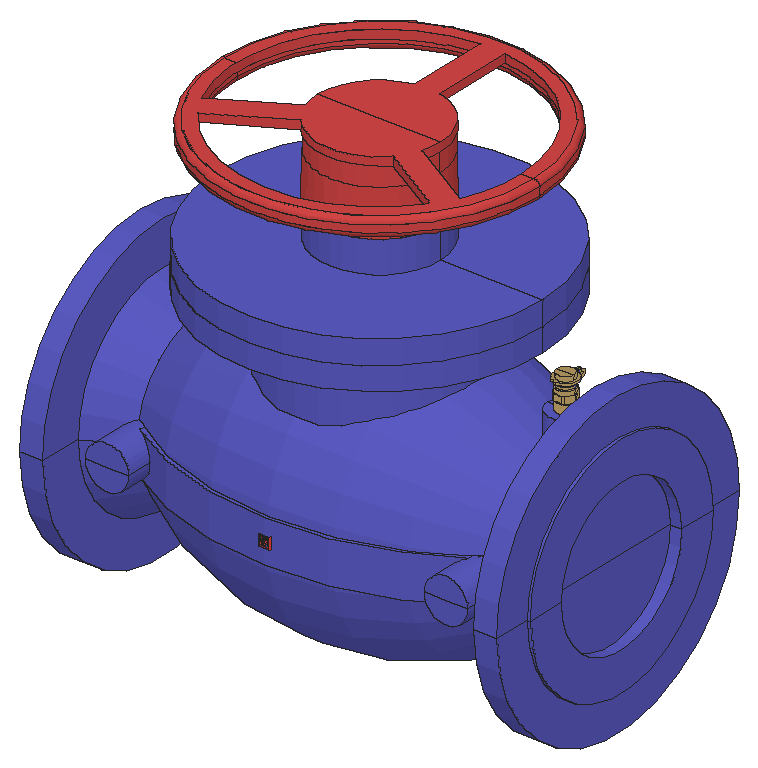
Revit family "Strangregulierventil für Differenzdruckmessung, Geradsitzform 4218 GF", category Rohrzubehör, Revit 2019
Family settings
  Bemaßung runder Anschluss = Durchmesser verwenden
  Teiletyp = Unterbricht
  OmniClass-Nummer = 23.65.55.14
  OmniClass-Titel = Valves for Liquid Services
  Arbeitsebenenbasiert = Nein
  Immer vertikal = Ja
  Beim Laden mit Abzugskörper schneiden = Nein
  Gemeinsam genutzt = Nein
Parameters
  kvs-Wert [instance] = if(Nennweite = 50.00 mm, 34.96, if(Nennweite = 65.00 mm, 66.94, if(Nennweite = 80.00 mm, 106.78, if(Nennweite = 100.00 mm, 169.45, if(Nennweite = 125.00 mm, 255.79, if(Nennweite = 150.00 mm, 389.54, if(Nennweite = 200.00 mm, 676.33, if(Nennweite = 250.00 mm, 1082.72, if(Nennweite = 300.00 mm, 1784.91, 0)))))))))  # 255.79
  Zählvorrichtung = "Kunststoff"  # constant formula
  W02 = 60.00°  # constant formula
  W01 = 85.00°  # constant formula
  Ventilkegel = "Grauguss GJL 250 nach EN 1561/ EPDM beschichtet"  # constant formula
  S01 [instance] = Nennweite + 10.00 mm  # 135.00 mm
  Regulierspindel = "Messing / Edelstahl"  # constant formula
  Oberteil = "Grauguss GJL 250 nach EN 1561"  # constant formula
  Spindel (bis DN100) = "Messing"  # constant formula
  O-Ringe = "EPDM"  # constant formula
  Gehäuse = "Grauguss GJL 250 nach EN 1561"  # constant formula
  URL = "www.herz-armaturen.at"
  SCRNSEQ = "ARM;ARM_TYP=\"STRV\";2"
  SCRNCODE = "05;07;02"  # constant formula
  R02 [instance] = size_lookup("4218_GF_", "R2", 1.00 mm, Nennweite)  # 15.00 mm
  R01 [instance] = size_lookup("4218_GF_", "R1", 1.00 mm, Nennweite)  # 18.00 mm
  Spindel (ab DN125) = "Edelstahl"  # constant formula
  Nennweite [instance] = 125.00 mm
  Medium = "Heizwasserqualität entsprechend ÖNORM H 5195 bzw. VDI Richtlinie 2035.\r\nEthylen und Propylenglykol können in einem Verhältnis von 25-50 vol. [%] gemischt werden."
  Max. Betriebstemperatur = 110 °C  # constant formula
  Min. Betriebstemperatur = -10 °C  # constant formula
  Max. Betriebsdruck = 1600000.0 Pa  # constant formula
  L04 [instance] = size_lookup("4218_GF_", "L4", 1.00 mm, Nennweite)  # 154.00 mm
  L03 [instance] = if(Nennweite = 50.00 mm, 48.00 mm, if(Nennweite = 65.00 mm, 52.00 mm, if(Nennweite = 80.00 mm, 60.00 mm, if(Nennweite = 100.00 mm, 75.00 mm, 15.00 mm))))  # 15.00 mm
  L02 [instance] = size_lookup("4218_GF_", "L2", 1.00 mm, Nennweite)  # 140.00 mm
  L01 [instance] = size_lookup("4218_GF_", "L1", 1.00 mm, Nennweite)  # 145.00 mm
  L00 [instance] = size_lookup("4218_GF_", "L", 1.00 mm, Nennweite)  # 400.00 mm
  Hersteller = "HERZ Armaturen Ges.m.b.H."  # constant formula
  H09 [instance] = H08 + H02  # 200.00 mm
  H08 [instance] = size_lookup("4218_GF_", "H8", 1.00 mm, Nennweite)  # 46.00 mm
  H07 [instance] = H02 + H06  # 174.00 mm
  H06 [instance] = size_lookup("4218_GF_", "H6", 1.00 mm, Nennweite)  # 20.00 mm
  H05 [instance] = size_lookup("4218_GF_", "H5", 1.00 mm, Nennweite)  # 100.00 mm
  H04 [instance] = H02 - H03  # 135.00 mm
  H03 [instance] = size_lookup("4218_GF_", "H3", 1.00 mm, Nennweite)  # 19.00 mm
  H02 [instance] = size_lookup("4218_GF_", "H2", 1.00 mm, Nennweite)  # 154.00 mm
  H01 [instance] = size_lookup("4218_GF_", "H1", 1.00 mm, Nennweite)  # 106.00 mm
  GT = 10.00 mm  # constant formula
  FLL02 [instance] = size_lookup("4218_GF_", "FLL2", 1.00 mm, Nennweite)  # 19.00 mm
  FLL01 [instance] = size_lookup("4218_GF_", "FLL1", 1.00 mm, Nennweite)  # 3.00 mm
  FLD03 [instance] = size_lookup("4218_GF_", "FLD3", 1.00 mm, Nennweite)  # 69.90 mm
  FLD02 [instance] = size_lookup("4218_GF_", "FLD2", 1.00 mm, Nennweite)  # 89.00 mm
  FLD01 [instance] = size_lookup("4218_GF_", "FLD1", 1.00 mm, Nennweite)  # 94.00 mm
  FLD00 [instance] = size_lookup("4218_GF_", "FLD", 1.00 mm, Nennweite)  # 125.00 mm
  Differenzdruckmessnung = "Das Strömax GF Strangregulierventil ist mit zwei Schnellmessventilen ausgestattet:\r\nBei Verwendung eines geeigneten Messgerätes kann der Differenzdruck gemessen und dadurch die jeweilige Durchflussmenge in Abhängigkeit der Einstellstufe ermittelt werden.\r\nAn den HERZ Messcomputern ist außerdem direkt die jeweilige Durchflussmenge ablesbar (siehe Gerätehandbuch).\r\nBei Verwendung von Frostschutzmittel ändert sich die Dichte des Medium, die bei Differenzdruckmessungen entsprechend zu berücksichtigen ist."
  DN80-DN100 [instance] = or(Nennweite = 80.00 mm, Nennweite = 100.00 mm)  # no
  DN80 [instance] = Nennweite = 80.00 mm  # no
  DN65 [instance] = Nennweite = 65.00 mm  # no
  DN50-DN65 [instance] = or(Nennweite = 50.00 mm, Nennweite = 65.00 mm)  # no
  DN50-DN100 [instance] = or(Nennweite = 50.00 mm, Nennweite = 65.00 mm, Nennweite = 80.00 mm, Nennweite = 100.00 mm)  # no
  DN50 [instance] = Nennweite = 50.00 mm  # no
  DN300 [instance] = Nennweite = 300.00 mm  # no
  DN250 [instance] = Nennweite = 250.00 mm  # no
  DN200-DN300 [instance] = or(Nennweite = 200.00 mm, Nennweite = 250.00 mm, Nennweite = 300.00 mm)  # no
  DN200 [instance] = Nennweite = 200.00 mm  # no
  DN150 [instance] = Nennweite = 150.00 mm  # no
  DN125-DN300 [instance] = or(Nennweite = 125.00 mm, Nennweite = 150.00 mm, Nennweite = 200.00 mm, Nennweite = 250.00 mm, Nennweite = 300.00 mm)  # yes
  DN125-DN150 [instance] = or(Nennweite = 125.00 mm, Nennweite = 150.00 mm)  # yes
  DN125 [instance] = Nennweite = 125.00 mm  # yes
  DN100 [instance] = Nennweite = 100.00 mm  # no
  D03 [instance] = size_lookup("4218_GF_", "D3", 1.00 mm, Nennweite)  # 50.50 mm
  D02 [instance] = size_lookup("4218_GF_", "D2", 1.00 mm, Nennweite)  # 135.00 mm
  D01 [instance] = size_lookup("4218_GF_", "D1", 1.00 mm, Nennweite)  # 86.00 mm
  D00 [instance] = size_lookup("4218_GF_", "D", 1.00 mm, Nennweite)  # 117.00 mm
  Bestellnummer [instance] = size_lookup("4218_GF_", "Artnr", 0, Nennweite)  # 1421884
  BH02 [instance] = -BH01  # -17.50 mm
  BH01 [instance] = size_lookup("4218_GF_", "BH1", 1.00 mm, Nennweite)  # 17.50 mm
  Ausführung = "Geradsitzform, Gehäuse Grauguss GJL 250 nach EN 1561, Flansche nach EN 1092, PN 16, blau lackiert.\r\nVentiloberteil Grauguss GJL 250, mit nicht steigender Spindel, Spindelabdichtung durch Drei-fach-O-Ring.\r\nDigitale Anzeige der Voreinstellstuffe."
  Anwendungen = "Zum hydraulischenAbgleich in Heiz- oder Kühlanlagen, Einregulieren und Absperren von Verteilleitungen, Strängen, Wärmetauschern, Heiz- und Kühlregistern."
  Anschluss [instance] = Nennweite / 2  # 62.50 mm
Reference planes
  plane 1 "Mitte (Vorne/hinten)": y = 0
  plane 2: z = 0
  plane 3 "Mitte (Links/rechts)": x = 0
Forms (mm)
  Revolve 1, solid, material "Herz-Marineblau", detail levels fine
    sketch origin (1058.943, 0, 0) x (1, 0, 0) y (0, 1, 0)
      loop
        line (-1255.943, 125) -> (-1255.943, 94) -> (-1258.943, 94) -> (-1258.943, 62.5) -> (-1248.943, 62.5) -> (-1248.943, 0) -> (-868.943, 0) -> (-868.943, 62.5) -> (-858.943, 62.5) -> (-858.943, 94) -> (-861.943, 94) -> (-861.943, 125) -> (-880.943, 125) -> (-880.943, 89) -> (-913.943, 69.9)
        arc (-913.943, 69.9) -> (-1058.943, 117) -> (-1203.943, 69.9) r 246.745
        line (-1203.943, 69.9) -> (-1236.943, 89) -> (-1236.943, 125) -> (-1255.943, 125)
      axis (-1258.943, 0) -> (-858.943, 0)
    angle from 0 to 360
  Revolve 2, solid, material "Herz-Marineblau", detail levels fine
    sketch origin (0, 0, 0) x (1, 0, 0) y (0, 1, 0)
      loop
        line (-140, 106) -> (-158, 106) -> (-158, -106) -> (-140, -106) -> (-140, 106)
      axis (-140, 106) -> (-140, -106)
    angle from 0 to 360
  Revolve 3, solid, material "Herz-Marineblau", detail levels fine
    sketch origin (0, 0, 0) x (-1, 0, 0) y (0, 1, 0)
      loop
        line (-140, 106) -> (-158, 106) -> (-158, -106) -> (-140, -106) -> (-140, 106)
      axis (-140, 106) -> (-140, -106)
    angle from 0 to 360
  Revolve 4, solid, material "Herz-Marineblau", visible <- "DN125-DN300", detail levels fine
    sketch origin (0, 0, 0) x (1, 0, 0) y (0, 0, 1)
      loop
        line (0, 0) -> (0, 154) -> (-135, 154) -> (-135, 135) -> (-86, 135) -> (-86, 0) -> (0, 0)
      axis (0, 154) -> (0, 0)
    angle from 0 to 360
  Revolve 5, solid, material "Herz-Marineblau", visible <- "DN50-DN100", detail levels fine
    sketch origin (0, 0, 0) x (1, 0, 0) y (0, 0, 1)
      loop
        line (0, 0) -> (0, 135) -> (-86, 135) -> (-86, 0) -> (0, 0)
      axis (0, 135) -> (0, 0)
    angle from 0 to 360
  Extrusion 6, solid, material "Herz-Marineblau", visible <- "DN50-DN100", detail levels fine
    sketch origin (0, 0, 0) x (1, 0, 0) y (0, 1, 0)
      loop
        line (0, 135) -> (-15, 133.688) -> (-133.688, 15) -> (-135, 0) -> (-133.688, -15) -> (-15, -133.688) -> (0, -135) -> (15, -133.688) -> (133.688, -15) -> (135, 0) -> (133.688, 15) -> (15, 133.688) -> (0, 135)
    from 135 <- "H04" to 154 <- "H02"
  Revolve 7, solid, material "Herz-Marineblau", detail levels fine
    sketch origin (0, 0, 0) x (1, 0, 0) y (0, 0, 1)
      loop
        line (-154, 0) -> (-154, 100) -> (-169, 100) -> (-169, 0) -> (-154, 0)
      axis (-154, 100) -> (-154, 0)
    angle from 0 to 360
  Revolve 8, solid, material "Herz-Marineblau", detail levels fine
    sketch origin (0, 0, 0) x (-1, 0, 0) y (0, 0, 1)
      loop
        line (-154, 0) -> (-154, 100) -> (-169, 100) -> (-169, 0) -> (-154, 0)
      axis (-154, 100) -> (-154, 0)
    angle from 0 to 360
  Extrusion 9, solid, material "Herz-Marineblau", visible <- "DN50", detail levels fine
    sketch origin (0, 0, 0) x (1, 0, 0) y (0, 1, 0)
      loop
        line (-75, 27.444) -> (-75, -27.444)
        arc (-75, -27.444) -> (0, -55) -> (75, -27.444) r 115.842
        line (75, -27.444) -> (75, 27.444)
        arc (75, 27.444) -> (0, 55) -> (-75, 27.444) r 115.842
    from -17.5 <- "BH02" to 17.5 <- "BH01"
  Extrusion 10, solid, material "Herz-Marineblau", visible <- "DN65", detail levels fine
    sketch origin (0, 0, 0) x (1, 0, 0) y (0, 1, 0)
      loop
        arc (-89, -45.667) -> (0, -68.022) -> (89, -45.667) r 188.34
        line (89, -45.667) -> (89, 45.667)
        arc (89, 45.667) -> (0, 68.022) -> (-89, 45.667) r 188.34
        line (-89, 45.667) -> (-89, -45.667)
    from -17.5 <- "BH02" to 17.5 <- "BH01"
  Extrusion 11, solid, material "Herz-Marineblau", visible <- "DN80", detail levels fine
    sketch origin (0, 0, 0) x (1, 0, 0) y (0, 1, 0)
      loop
        arc (-100, -48.604) -> (0, -75.01) -> (100, -48.604) r 202.557
        line (100, -48.604) -> (100, 48.604)
        arc (100, 48.604) -> (0, 75.01) -> (-100, 48.604) r 202.557
        line (-100, 48.604) -> (-100, -48.604)
    from -17.5 <- "BH02" to 17.5 <- "BH01"
  Extrusion 12, solid, material "Herz-Marineblau", visible <- "DN100", detail levels fine
    sketch origin (0, 0, 0) x (1, 0, 0) y (0, 1, 0)
      loop
        arc (-118, -60.889) -> (0, -83.721) -> (118, -60.889) r 316.34
        line (118, -60.889) -> (118, 60.889)
        arc (118, 60.889) -> (0, 83.721) -> (-118, 60.889) r 316.34
        line (-118, 60.889) -> (-118, -60.889)
    from -17.5 <- "BH02" to 17.5 <- "BH01"
  Extrusion 13, solid, material "Herz-Marineblau", visible <- "DN125", detail levels fine
    sketch origin (0, 0, 0) x (1, 0, 0) y (0, 1, 0)
      loop
        arc (-140, -75.261) -> (0, -118.541) -> (140, -75.261) r 248.073
        line (140, -75.261) -> (140, 75.261)
        arc (140, 75.261) -> (0, 118.541) -> (-140, 75.261) r 248.073
        line (-140, 75.261) -> (-140, -75.261)
    from -17.5 <- "BH02" to 17.5 <- "BH01"
  Extrusion 14, solid, material "Herz-Marineblau", visible <- "DN150", detail levels fine
    sketch origin (0, 0, 0) x (1, 0, 0) y (0, 1, 0)
      loop
        arc (-170, -94.727) -> (0, -138.5) -> (170, -94.727) r 352.003
        line (170, -94.727) -> (170, 94.727)
        arc (170, 94.727) -> (0, 138.5) -> (-170, 94.727) r 352.003
        line (-170, 94.727) -> (-170, -94.727)
    from -17.5 <- "BH02" to 17.5 <- "BH01"
  Extrusion 15, solid, material "Herz-Marineblau", visible <- "DN200", detail levels fine
    sketch origin (0, 0, 0) x (1, 0, 0) y (0, 1, 0)
      loop
        arc (-200, -127.319) -> (0, -163.032) -> (200, -127.319) r 577.879
        line (200, -127.319) -> (200, 127.319)
        arc (200, 127.319) -> (0, 163.032) -> (-200, 127.319) r 577.879
        line (-200, 127.319) -> (-200, -127.319)
    from -17.5 <- "BH02" to 17.5 <- "BH01"
  Extrusion 16, solid, material "Herz-Marineblau", visible <- "DN250", detail levels fine
    sketch origin (0, 0, 0) x (1, 0, 0) y (0, 1, 0)
      loop
        arc (-250, -153.89) -> (0, -191.531) -> (250, -153.89) r 849.033
        line (250, -153.89) -> (250, 153.89)
        arc (250, 153.89) -> (0, 191.531) -> (-250, 153.89) r 849.033
        line (-250, 153.89) -> (-250, -153.89)
    from -17.5 <- "BH02" to 17.5 <- "BH01"
  Extrusion 17, solid, material "Herz-Marineblau", visible <- "DN300", detail levels fine
    sketch origin (0, 0, 0) x (1, 0, 0) y (0, 1, 0)
      loop
        arc (-300, -192.377) -> (0, -268.099) -> (300, -192.377) r 632.133
        line (300, -192.377) -> (300, 192.377)
        arc (300, 192.377) -> (0, 268.099) -> (-300, 192.377) r 632.133
        line (-300, 192.377) -> (-300, -192.377)
    from -17.5 <- "BH02" to 17.5 <- "BH01"
  Extrusion 18, solid, material "Herz-Marineblau", visible <- "DN50-DN100", detail levels fine
    sketch origin (0, 0, 0) x (1, 0, 0) y (0, 1, 0)
      loop
        line (0, 135) -> (-15, 133.688) -> (-133.688, 15) -> (-135, 0) -> (-133.688, -15) -> (-15, -133.688) -> (0, -135) -> (15, -133.688) -> (133.688, -15) -> (135, 0) -> (133.688, 15) -> (15, 133.688) -> (0, 135)
    from 154 <- "H02" to 174 <- "H07"
  Revolve 19, solid, material "Herz-Marineblau", visible <- "DN125-DN300", detail levels fine
    sketch origin (0, 0, 0) x (1, 0, 0) y (0, 0, 1)
      loop
        line (0, 154) -> (0, 200) -> (-50.5, 200) -> (-50.5, 174) -> (-135, 174) -> (-135, 154) -> (0, 154)
      axis (0, 200) -> (0, 154)
    angle from 0 to 360
  Revolve 20, solid, material "Herz-Marineblau", visible <- "DN50-DN100", detail levels fine
    sketch origin (0, 0, 0) x (1, 0, 0) y (0, 0, 1)
      loop
        line (0, 174) -> (0, 200) -> (-50.5, 200) -> (-50.5, 174) -> (0, 174)
      axis (0, 200) -> (0, 174)
    angle from 0 to 360
Lines and regions (mm)
  model lines, detail levels coarse+medium
    curve 1: line (-200, 0, 125) -> (-200, 0, -125)
    curve 2: line (-200, 0, -125) -> (200, 0, 125)
    curve 3: line (200, 0, 125) -> (200, 0, -125)
    curve 4: line (200, 0, -125) -> (-200, 0, 125)
    curve 5: line (0, 0, 0) -> (115.47, 0, 200)
    curve 6: line (57.013, 0, 233.75) -> (173.927, 0, 166.25)
    curve 7: line (-200, 125, 0) -> (-200, -125, 0)
    curve 8: line (-200, -125, 0) -> (200, 125, 0)
    curve 9: line (200, 125, 0) -> (200, -125, 0)
    curve 10: line (200, -125, 0) -> (-200, 125, 0)
    curve 11: line (0, 0, 0) -> (115.47, 200, 0)
    curve 12: line (57.013, 233.75, 0) -> (173.927, 166.25, 0)
Dimensions and locks
  "FLD00": plane 1 "Mitte (Vorne/hinten)" to Revolve 1 sketch curve
  "FLD01": plane 1 "Mitte (Vorne/hinten)" to Revolve 1 sketch curve
  "FLD02": plane 1 "Mitte (Vorne/hinten)" to Revolve 1 sketch curve  (x2)
  "FLD03": plane 1 "Mitte (Vorne/hinten)" to Revolve 1 sketch curve  (x2)
  "GT": Revolve 1 sketch curve to Revolve 1 sketch curve  (x2)
  "FLL01": Revolve 1 sketch curve to Revolve 1 sketch curve  (x2)
  "FLL02": Revolve 1 sketch curve to Revolve 1 sketch curve  (x2)
  equal spacing: Revolve 1 sketch curve, plane 3 "Mitte (Links/rechts)", Revolve 1 sketch curve
  "Anschluss": Revolve 1 sketch curve to plane 1 "Mitte (Vorne/hinten)"
  "Anschluss": plane 1 "Mitte (Vorne/hinten)" to Revolve 1 sketch curve
  "FLD01": Revolve 1 sketch curve to plane 1 "Mitte (Vorne/hinten)"
  "FLD00": Revolve 1 sketch curve to plane 1 "Mitte (Vorne/hinten)"
  "L00": Revolve 1 sketch curve to Revolve 1 sketch curve
  "D00": plane 1 "Mitte (Vorne/hinten)" to Revolve 1 sketch curve
  "L01": Revolve 1 sketch curve to plane 3 "Mitte (Links/rechts)" to Revolve 1 sketch curve
  "L02": Revolve 2 sketch curve to plane 3 "Mitte (Links/rechts)"
  "R01": Revolve 2 sketch curve to Revolve 2 sketch curve
  "H01": Revolve 2 sketch curve to plane 1 "Mitte (Vorne/hinten)" to Revolve 2 sketch curve
  "L02": plane 3 "Mitte (Links/rechts)" to Revolve 3 sketch curve
  "R01": Revolve 3 sketch curve to Revolve 3 sketch curve
  "H01": Revolve 3 sketch curve to plane 1 "Mitte (Vorne/hinten)" to Revolve 3 sketch curve
  "H02": Revolve 4 sketch curve to plane 2
  "D01": Revolve 4 sketch curve to Revolve 4 sketch curve
  "D02": Revolve 4 sketch curve to Revolve 4 sketch curve
  "H03": Revolve 4 sketch curve to Revolve 4 sketch curve
  "H04": Revolve 5 sketch curve to plane 2
  "D01": Revolve 5 sketch curve to Revolve 5 sketch curve
  "D02": Extrusion 6 sketch curve to plane 3 "Mitte (Links/rechts)" to Extrusion 6 sketch curve
  "D02": Extrusion 6 sketch curve to plane 1 "Mitte (Vorne/hinten)" to Extrusion 6 sketch curve
  "L03": Extrusion 6 sketch curve to plane 3 "Mitte (Links/rechts)"  (x2)
  "L03": plane 3 "Mitte (Links/rechts)" to Extrusion 6 sketch curve  (x2)
  "L03": plane 1 "Mitte (Vorne/hinten)" to Extrusion 6 sketch curve  (x2)
  "L03": Extrusion 6 sketch curve to plane 1 "Mitte (Vorne/hinten)"  (x2)
  "L04": plane 3 "Mitte (Links/rechts)" to Revolve 7 sketch curve
  "R02": Revolve 7 sketch curve to Revolve 7 sketch curve
  "H05": Revolve 7 sketch curve to plane 2
  "R02": Revolve 8 sketch curve to Revolve 8 sketch curve
  "L04": Revolve 8 sketch curve to plane 3 "Mitte (Links/rechts)"
  "H05": Revolve 8 sketch curve to plane 2
  "L04": plane 3 "Mitte (Links/rechts)" to nested 1
  "L04": nested 2 to plane 3 "Mitte (Links/rechts)"
  "H05": nested 1 to plane 2
  "H05": nested 2 to plane 2
  "L03": Extrusion 18 sketch curve to plane 3 "Mitte (Links/rechts)"  (x2)
  "L03": plane 3 "Mitte (Links/rechts)" to Extrusion 18 sketch curve  (x2)
  "L03": plane 1 "Mitte (Vorne/hinten)" to Extrusion 18 sketch curve  (x2)
  "L03": Extrusion 18 sketch curve to plane 1 "Mitte (Vorne/hinten)"  (x2)
  "D02": Extrusion 18 sketch curve to plane 3 "Mitte (Links/rechts)" to Extrusion 18 sketch curve
  "D02": Extrusion 18 sketch curve to plane 1 "Mitte (Vorne/hinten)" to Extrusion 18 sketch curve
  "H02": Revolve 19 sketch curve to plane 2
  "H06": Revolve 19 sketch curve to Revolve 19 sketch curve
  "H08": Revolve 19 sketch curve to Revolve 19 sketch curve
  "D03": Revolve 19 sketch curve to Revolve 19 sketch curve
  "D02": Revolve 19 sketch curve to Revolve 19 sketch curve
  "D03": Revolve 20 sketch curve to Revolve 20 sketch curve
  "H07": Revolve 20 sketch curve to plane 2
  "H08": Revolve 20 sketch curve to Extrusion 18
  "H09": nested 12 to plane 2
  "H09": nested 13 to plane 2
  "H09": nested 14 to plane 2
  "H09": nested 15 to plane 2
  "FLD00": curve 4 to plane 2 to curve 2
  "FLD00": curve 3 to plane 2 to curve 4
  equal spacing: curve 1, plane 3 "Mitte (Links/rechts)", curve 3
  "L00": curve 1 to curve 3
  "H09": curve 5 to plane 2
  equal spacing: curve 1, curve 5, curve 3
  equal spacing: curve 6, curve 5, curve 6
  "S01": curve 6 to curve 6
  "FLD00": curve 8 to plane 1 "Mitte (Vorne/hinten)" to curve 10
  "FLD00": curve 10 to plane 1 "Mitte (Vorne/hinten)" to curve 9
  equal spacing: curve 7, plane 3 "Mitte (Links/rechts)", curve 9
  "L00": curve 7 to curve 9
  equal spacing: curve 7, curve 11, curve 9
  "H09": plane 1 "Mitte (Vorne/hinten)" to curve 11
  equal spacing: curve 12, curve 11, curve 12
  "S01": curve 12 to curve 12
  "W01": angle Extrusion 6 sketch curve to plane 3 "Mitte (Links/rechts)"  (x2)
  "W01": angle plane 3 "Mitte (Links/rechts)" to Extrusion 6 sketch curve  (x2)
  "W01": angle Extrusion 6 sketch curve to plane 1 "Mitte (Vorne/hinten)"  (x2)
  "W01": angle plane 1 "Mitte (Vorne/hinten)" to Extrusion 6 sketch curve  (x2)
  "W01": angle plane 1 "Mitte (Vorne/hinten)" to Extrusion 18 sketch curve  (x2)
  "W01": angle Extrusion 18 sketch curve to plane 1 "Mitte (Vorne/hinten)"  (x2)
  "W01": angle Extrusion 18 sketch curve to plane 3 "Mitte (Links/rechts)"  (x2)
  "W01": angle plane 3 "Mitte (Links/rechts)" to Extrusion 18 sketch curve  (x2)
  "W02": angle plane 2 to curve 5
  "W02": angle plane 1 "Mitte (Vorne/hinten)" to curve 11
  aligned and locked: level to plane 2
Automatic sketch dimensions
  Extrusion 9 sketch curve to plane 3 "Mitte (Links/rechts)" = 0.00 mm  (x2)
  Extrusion 9 sketch curve to plane 1 "Mitte (Vorne/hinten)" = 27.444 mm  (x2)
  Extrusion 9 sketch curve to plane 3 "Mitte (Links/rechts)" = 75.00 mm
  plane 1 "Mitte (Vorne/hinten)" to Extrusion 9 sketch curve = 60.843 mm
  Extrusion 9 sketch curve to plane 1 "Mitte (Vorne/hinten)" = 60.843 mm
  plane 1 "Mitte (Vorne/hinten)" to Extrusion 9 sketch curve = 27.444 mm
  Extrusion 10 sketch curve to plane 3 "Mitte (Links/rechts)" = 0.00 mm  (x2)
  plane 1 "Mitte (Vorne/hinten)" to Extrusion 10 sketch curve = 45.667 mm
  Extrusion 10 sketch curve to plane 3 "Mitte (Links/rechts)" = 89.00 mm
  Extrusion 10 sketch curve to Extrusion 10 sketch curve = 74.651 mm
  Extrusion 10 sketch curve to plane 1 "Mitte (Vorne/hinten)" = 120.318 mm
  Extrusion 10 sketch curve to plane 1 "Mitte (Vorne/hinten)" = 45.667 mm  (x2)
  Extrusion 11 sketch curve to plane 3 "Mitte (Links/rechts)" = 0.00 mm  (x2)
  plane 1 "Mitte (Vorne/hinten)" to Extrusion 11 sketch curve = 48.604 mm  (x2)
  Extrusion 11 sketch curve to plane 3 "Mitte (Links/rechts)" = 100.00 mm
  Extrusion 11 sketch curve to Extrusion 11 sketch curve = 78.943 mm
  Extrusion 11 sketch curve to plane 1 "Mitte (Vorne/hinten)" = 127.547 mm
  Extrusion 11 sketch curve to plane 1 "Mitte (Vorne/hinten)" = 48.604 mm
  Extrusion 12 sketch curve to plane 3 "Mitte (Links/rechts)" = 0.00 mm  (x2)
  Extrusion 12 sketch curve to plane 1 "Mitte (Vorne/hinten)" = 60.889 mm  (x2)
  Extrusion 12 sketch curve to plane 3 "Mitte (Links/rechts)" = 118.00 mm
  plane 1 "Mitte (Vorne/hinten)" to Extrusion 12 sketch curve = 232.619 mm
  Extrusion 12 sketch curve to Extrusion 12 sketch curve = 171.731 mm
  plane 1 "Mitte (Vorne/hinten)" to Extrusion 12 sketch curve = 60.889 mm
  Extrusion 13 sketch curve to plane 3 "Mitte (Links/rechts)" = 0.00 mm  (x2)
  Extrusion 13 sketch curve to plane 1 "Mitte (Vorne/hinten)" = 75.261 mm  (x2)
  Extrusion 13 sketch curve to plane 3 "Mitte (Links/rechts)" = 140.00 mm
  plane 1 "Mitte (Vorne/hinten)" to Extrusion 13 sketch curve = 129.532 mm
  Extrusion 13 sketch curve to plane 1 "Mitte (Vorne/hinten)" = 129.532 mm
  plane 1 "Mitte (Vorne/hinten)" to Extrusion 13 sketch curve = 75.261 mm
  Extrusion 14 sketch curve to plane 3 "Mitte (Links/rechts)" = 0.00 mm  (x2)
  plane 1 "Mitte (Vorne/hinten)" to Extrusion 14 sketch curve = 94.727 mm  (x2)
  Extrusion 14 sketch curve to plane 3 "Mitte (Links/rechts)" = 170.00 mm
  Extrusion 14 sketch curve to Extrusion 14 sketch curve = 118.776 mm
  Extrusion 14 sketch curve to plane 1 "Mitte (Vorne/hinten)" = 213.503 mm
  Extrusion 14 sketch curve to plane 1 "Mitte (Vorne/hinten)" = 94.727 mm
  Extrusion 15 sketch curve to plane 3 "Mitte (Links/rechts)" = 0.00 mm  (x2)
  Extrusion 15 sketch curve to plane 1 "Mitte (Vorne/hinten)" = 127.319 mm  (x2)
  Extrusion 15 sketch curve to plane 3 "Mitte (Links/rechts)" = 200.00 mm
  plane 1 "Mitte (Vorne/hinten)" to Extrusion 15 sketch curve = 414.847 mm
  Extrusion 15 sketch curve to Extrusion 15 sketch curve = 287.528 mm
  plane 1 "Mitte (Vorne/hinten)" to Extrusion 15 sketch curve = 127.319 mm
  Extrusion 16 sketch curve to plane 3 "Mitte (Links/rechts)" = 0.00 mm  (x2)
  Extrusion 16 sketch curve to plane 1 "Mitte (Vorne/hinten)" = 153.89 mm  (x2)
  Extrusion 16 sketch curve to plane 3 "Mitte (Links/rechts)" = 250.00 mm
  plane 1 "Mitte (Vorne/hinten)" to Extrusion 16 sketch curve = 657.503 mm
  Extrusion 16 sketch curve to Extrusion 16 sketch curve = 503.613 mm
  plane 1 "Mitte (Vorne/hinten)" to Extrusion 16 sketch curve = 153.89 mm
  Extrusion 17 sketch curve to plane 3 "Mitte (Links/rechts)" = 0.00 mm  (x2)
  Extrusion 17 sketch curve to plane 1 "Mitte (Vorne/hinten)" = 192.377 mm  (x2)
  Extrusion 17 sketch curve to plane 3 "Mitte (Links/rechts)" = 300.00 mm
  plane 1 "Mitte (Vorne/hinten)" to Extrusion 17 sketch curve = 364.034 mm
  Extrusion 17 sketch curve to Extrusion 17 sketch curve = 171.657 mm
  plane 1 "Mitte (Vorne/hinten)" to Extrusion 17 sketch curve = 192.377 mm
  plane 1 "Mitte (Vorne/hinten)" to Revolve 1 sketch curve = 0.00 mm  (x2)
  Revolve 1 sketch curve to Revolve 1 sketch curve = 35.00 mm
  Revolve 1 sketch curve to Revolve 1 sketch curve = 40.00 mm
  Revolve 2 sketch curve to Revolve 2 sketch curve = 0.00 mm  (x3)
  Revolve 3 sketch curve to Revolve 3 sketch curve = 0.00 mm  (x3)
  Revolve 4 sketch curve to level = 0.00 mm
  Revolve 4 sketch curve to plane 3 "Mitte (Links/rechts)" = 0.00 mm  (x2)
  Revolve 4 sketch curve to Revolve 4 sketch curve = 366.045 mm
  Revolve 4 sketch curve to Revolve 4 sketch curve = 2169.315 mm
  Revolve 5 sketch curve to level = 0.00 mm
  Revolve 5 sketch curve to plane 3 "Mitte (Links/rechts)" = 0.00 mm  (x2)
  Revolve 5 sketch curve to Revolve 5 sketch curve = 366.045 mm
  Revolve 5 sketch curve to Revolve 5 sketch curve = 2147.315 mm
  Extrusion 6 sketch curve to plane 3 "Mitte (Links/rechts)" = 0.00 mm  (x2)
  plane 1 "Mitte (Vorne/hinten)" to Extrusion 6 sketch curve = 0.00 mm  (x2)
  Revolve 7 sketch curve to level = 0.00 mm  (x2)
  Revolve 7 sketch curve to Revolve 7 sketch curve = 0.00 mm  (x2)
  Revolve 8 sketch curve to level = 0.00 mm  (x2)
  Revolve 8 sketch curve to Revolve 8 sketch curve = 0.00 mm  (x2)
  Extrusion 18 sketch curve to plane 3 "Mitte (Links/rechts)" = 0.00 mm  (x2)
  plane 1 "Mitte (Vorne/hinten)" to Extrusion 18 sketch curve = 0.00 mm  (x2)
  Revolve 19 sketch curve to plane 3 "Mitte (Links/rechts)" = 0.00 mm  (x2)
  Revolve 19 sketch curve to level = 366.045 mm
  Revolve 19 sketch curve to Revolve 19 sketch curve = 2105.315 mm
  Revolve 20 sketch curve to plane 3 "Mitte (Links/rechts)" = 0.00 mm  (x2)
  Revolve 20 sketch curve to level = 366.045 mm
  Revolve 20 sketch curve to Revolve 20 sketch curve = 2105.315 mm
Nested families
  nested 1: "Messstutzen_Band_Eintritt_senkrecht_(oben)" at (-154, 0, 91), type "Messstutzen_Band_Eintritt_senkrecht_(oben)", detail levels fine
    with Schutzkappe yes, Nennweite 0.00 mm, Gewicht 0.00 kg, Bestellnummer 0
  nested 2: "Messstutzen_Band_Austritt_senkrecht_(oben)" at (154, 0, 91), type "Messstutzen_Band_Austritt_senkrecht_(oben)", detail levels fine
    with Schutzkappe yes, Nennweite 0.00 mm, Gewicht 0.00 kg, Bestellnummer 0
  nested 3: "Herz-Logo-vorne" at (0, -55, 0) x (0, 1, 0) z (0, 0, 1), visible <- "DN50", type "Herz-Logo-vorne", detail levels fine
  nested 4: "Herz-Logo-vorne" at (0, -68.004, 0) x (0, 1, 0) z (0, 0, 1), visible <- "DN65", type "Herz-Logo-vorne", detail levels fine
  nested 5: "Herz-Logo-vorne" at (0, -74.992, 0) x (0, 1, 0) z (0, 0, 1), visible <- "DN80", type "Herz-Logo-vorne", detail levels fine
  nested 6: "Herz-Logo-vorne" at (0, -83.721, 0) x (0, 1, 0) z (0, 0, 1), visible <- "DN100", type "Herz-Logo-vorne", detail levels fine
  nested 7: "Herz-Logo-vorne" at (0, -118.541, 0) x (0, 1, 0) z (0, 0, 1), visible <- "DN125", type "Herz-Logo-vorne", detail levels fine
  nested 8: "Herz-Logo-vorne" at (0, -138.5, 0) x (0, 1, 0) z (0, 0, 1), visible <- "DN150", type "Herz-Logo-vorne", detail levels fine
  nested 9: "Herz-Logo-vorne" at (0, -163.032, 0) x (0, 1, 0) z (0, 0, 1), visible <- "DN200", type "Herz-Logo-vorne", detail levels fine
  nested 10: "Herz-Logo-vorne" at (0, -191.513, 0) x (0, 1, 0) z (0, 0, 1), visible <- "DN250", type "Herz-Logo-vorne", detail levels fine
  nested 11: "Herz-Logo-vorne" at (0, -268.082, 0) x (0, 1, 0) z (0, 0, 1), visible <- "DN300", type "Herz-Logo-vorne", detail levels fine
  nested 12: "Strangregulierventil-Handrad_VOLL-Gerade (Rot) DN50-DN65" at (0, 0, 200), visible <- "DN50-DN65", type "Strangregulierventil-Handrad_VOLL-Gerade (Rot) DN50-DN65", detail levels fine
  nested 13: "Strangregulierventil-Handrad_VOLL-Gerade (Rot) DN80-DN100" at (0, 0, 200), visible <- "DN80-DN100", type "Strangregulierventil-Handrad_VOLL-Gerade (Rot) DN80-DN100", detail levels fine
  nested 14: "Strangregulierventil-Handrad_VOLL-Gerade (Rot) DN125-DN150" at (0, 0, 200), visible <- "DN125-DN150", type "Strangregulierventil-Handrad_VOLL-Gerade (Rot) DN125-DN150", detail levels fine
  nested 15: "Strangregulierventil-Handrad_VOLL-Gerade (Rot) DN200-DN300" at (0, 0, 200), visible <- "DN200-DN300", type "Strangregulierventil-Handrad_VOLL-Gerade (Rot) DN200-DN300", detail levels fine
    with DN300 yes
Connectors
  piping at (-200, 0, 0), diameter 125, driven by "Nennweite"
    settings: on Revolve 1, index 1, connector inside diameter 609.6 mm, connector length 0.00 mm, flow factor 0, pipe flow 0.0 L/s, pressure drop 0.0 Pa, fitting loss kfactor 0, connector angle 0.00°, fixture units 0, engagement length 0.00 mm, angle of deflection 0.00°, flow configuration 0, flow direction 1, fitting loss method 0, system type 29, joint type 0, gender type 0, connector reference index -1, connector utility 0, adjustable connector no, is connector primary yes, connector description ""
  piping at (200, 0, 0), diameter 125, driven by "Nennweite"
    settings: on Revolve 1, index 2, connector inside diameter 609.6 mm, connector length 0.00 mm, flow factor 0, pipe flow 0.0 L/s, pressure drop 0.0 Pa, fitting loss kfactor 0, connector angle 0.00°, fixture units 0, engagement length 0.00 mm, angle of deflection 0.00°, flow configuration 0, flow direction 2, fitting loss method 0, system type 29, joint type 0, gender type 0, connector reference index -1, connector utility 0, adjustable connector no, is connector primary no, connector description ""
Definition of nested family "Messstutzen_Band_Eintritt_senkrecht_(oben)"
  Parameters (values of type "Messstutzen_Band_Eintritt_senkrecht_(oben)")
    URL = "www.herz-armaturen.at"
    Schutzkappe [instance] = yes
    Nennweite [instance] = 0.00 mm
    Manufacturer = "Herz Armaturen GmbH"  # constant formula
    Gewicht [instance] = 0.00 kg
    Bestellnummer [instance] = 0
  Reference planes
    plane 1 "Mitte (Vorne/hinten)": y = 0
    plane 2: z = 0
    plane 3 "Mitte (Links/rechts)": x = 0
    plane 4 "Schlaufe 1": z = -27
    plane 5 "Schlaufe 2": z = -31.678
  Forms (mm)
    Revolve 1, solid, detail levels fine
      sketch origin (0, 0, 0) x (1, 0, 0) y (0, 0, 1)
        loop
          line (-7.4, 9) -> (-5.55, 9) -> (-5.55, 6)
          arc (-5.55, 6) -> (-5.626, 5.617) -> (-5.843, 5.293) r 1
          line (-5.843, 5.293) -> (-6.455, 4.681) -> (-6.455, 0.9) -> (-5.555, 0) -> (-2, 0) -> (-2, 17.5) -> (-8.4, 17.5)
          arc (-8.4, 17.5) -> (-7.693, 17.207) -> (-7.4, 16.5) r 1
          line (-7.4, 16.5) -> (-7.4, 9)
        loop
          line (-3.7, 27) -> (-7.3, 27) -> (-7.9, 26.4) -> (-7.9, 23) -> (-2, 23) -> (-2, 35.8) -> (-3.805, 35.8) -> (-4.415, 35.19) -> (-4.415, 30.863) -> (-3.7, 30.45) -> (-3.7, 27)
        axis (0, 0) -> (0, 35.8)
      angle from 0 to 360
    Extrusion 2, solid, detail levels fine
      sketch origin (0, 0, 17.5) x (0, 1, 0) y (-1, 0, 0)
        loop
          arc (-7.07, 5.156) -> (-7.578, 4.375) -> (-8, 3.544) r 8.75
          line (-8, 3.544) -> (-8, -3.544)
          arc (-8, -3.544) -> (-7.578, -4.375) -> (-7.07, -5.156) r 8.75
          line (-7.07, -5.156) -> (-0.93, -8.7)
          arc (-0.93, -8.7) -> (0, -8.75) -> (0.93, -8.7) r 8.75
          line (0.93, -8.7) -> (7.07, -5.156)
          arc (7.07, -5.156) -> (7.578, -4.375) -> (8, -3.544) r 8.75
          line (8, -3.544) -> (8, 3.544)
          arc (8, 3.544) -> (7.578, 4.375) -> (7.07, 5.156) r 8.75
          line (7.07, 5.156) -> (0.93, 8.7)
          arc (0.93, 8.7) -> (0, 8.75) -> (-0.93, 8.7) r 8.75
          line (-0.93, 8.7) -> (-7.07, 5.156)
      from 0 to 5.5
    Revolve 3, solid, visible <- "Schutzkappe", detail levels fine
      sketch origin (0, 0, 0) x (1, 0, 0) y (0, 0, 1)
        loop
          line (0, 35.878) -> (0, 36.678) -> (-7, 36.678) -> (-7, 33.378) -> (-6.1, 33.378) -> (-6.1, 31.678) -> (-6.9, 31.678) -> (-6.9, 30.178) -> (-4.415, 30.178) -> (-4.415, 35.268) -> (-3.805, 35.878) -> (0, 35.878)
        axis (0, 30.178) -> (0, 36.678)
      angle from 0 to 360
    Extrusion 4, solid, detail levels fine
      sketch origin (0, 0, 28.5) x (1, 0, 0) y (0, 1, 0)
        loop
          circle (0, 0) r 3.7
        loop
          arc (-3.906, 5.505) -> (0, -6.75) -> (3.906, 5.505) r 6.75
          arc (3.906, 5.505) -> (2.358, 7.288) -> (1.8, 9.582) r 5
          line (1.8, 9.582) -> (-1.8, 9.582)
          arc (-1.8, 9.582) -> (-2.358, 7.288) -> (-3.906, 5.505) r 5
      from 0 to -1.5
    Extrusion 5, solid, detail levels fine
      sketch origin (0, 0, 33.178) x (1, 0, 0) y (0, 1, 0)
        loop
          circle (0, 0) r 6.1
        loop
          arc (-4.495, 8.652) -> (0, -9.75) -> (4.495, 8.652) r 9.75
          arc (4.495, 8.652) -> (2.527, 10.493) -> (1.8, 13.089) r 5
          line (1.8, 13.089) -> (-1.8, 13.089)
          arc (-1.8, 13.089) -> (-2.527, 10.493) -> (-4.495, 8.652) r 5
      from 0 to -1.5
    Sweep 6, solid, detail levels fine
      path origin (0, 0, 0) x (0, 0, -1) y (0, -1, 0)
        loop
          line (-27.75, -9.582) -> (-27.75, -14.522)
          arc (-27.75, -14.522) -> (-30.089, -16.862) -> (-32.428, -14.522) r 2.339
          line (-32.428, -14.522) -> (-32.428, -13.089)
      profile origin (0, 12.052, 27.75) x (0, 0, 1) y (1, 0, 0)
        loop
          line (-0.75, -1.8) -> (0.75, -1.8) -> (0.75, 1.8) -> (-0.75, 1.8) -> (-0.75, -1.8)
  Dimensions and locks
    aligned and locked: level to plane 2
Definition of nested family "Messstutzen_Band_Austritt_senkrecht_(oben)"
  Parameters (values of type "Messstutzen_Band_Austritt_senkrecht_(oben)")
    URL = "www.herz-armaturen.at"
    Schutzkappe [instance] = yes
    Nennweite [instance] = 0.00 mm
    Manufacturer = "Herz Armaturen GmbH"  # constant formula
    Gewicht [instance] = 0.00 kg
    Bestellnummer [instance] = 0
  Reference planes
    plane 1 "Mitte (Vorne/hinten)": y = 0
    plane 2: z = 0
    plane 3 "Mitte (Links/rechts)": x = 0
    plane 4 "Schlaufe 1": z = -27
    plane 5 "Schlaufe 2": z = -31.678
  Forms (mm)
    Revolve 1, solid, detail levels fine
      sketch origin (0, 0, 0) x (1, 0, 0) y (0, 0, 1)
        loop
          line (-7.4, 9) -> (-5.55, 9) -> (-5.55, 6)
          arc (-5.55, 6) -> (-5.626, 5.617) -> (-5.843, 5.293) r 1
          line (-5.843, 5.293) -> (-6.455, 4.681) -> (-6.455, 0.9) -> (-5.555, 0) -> (-2, 0) -> (-2, 17.5) -> (-8.4, 17.5)
          arc (-8.4, 17.5) -> (-7.693, 17.207) -> (-7.4, 16.5) r 1
          line (-7.4, 16.5) -> (-7.4, 9)
        loop
          line (-3.7, 27) -> (-7.3, 27) -> (-7.9, 26.4) -> (-7.9, 23) -> (-2, 23) -> (-2, 35.8) -> (-3.805, 35.8) -> (-4.415, 35.19) -> (-4.415, 30.863) -> (-3.7, 30.45) -> (-3.7, 27)
        axis (0, 0) -> (0, 35.8)
      angle from 0 to 360
    Extrusion 2, solid, detail levels fine
      sketch origin (0, 0, 17.5) x (0, 1, 0) y (-1, 0, 0)
        loop
          arc (-7.07, 5.156) -> (-7.578, 4.375) -> (-8, 3.544) r 8.75
          line (-8, 3.544) -> (-8, -3.544)
          arc (-8, -3.544) -> (-7.578, -4.375) -> (-7.07, -5.156) r 8.75
          line (-7.07, -5.156) -> (-0.93, -8.7)
          arc (-0.93, -8.7) -> (0, -8.75) -> (0.93, -8.7) r 8.75
          line (0.93, -8.7) -> (7.07, -5.156)
          arc (7.07, -5.156) -> (7.578, -4.375) -> (8, -3.544) r 8.75
          line (8, -3.544) -> (8, 3.544)
          arc (8, 3.544) -> (7.578, 4.375) -> (7.07, 5.156) r 8.75
          line (7.07, 5.156) -> (0.93, 8.7)
          arc (0.93, 8.7) -> (0, 8.75) -> (-0.93, 8.7) r 8.75
          line (-0.93, 8.7) -> (-7.07, 5.156)
      from 0 to 5.5
    Revolve 3, solid, visible <- "Schutzkappe", detail levels fine
      sketch origin (0, 0, 0) x (1, 0, 0) y (0, 0, 1)
        loop
          line (0, 35.878) -> (0, 36.678) -> (-7, 36.678) -> (-7, 33.378) -> (-6.1, 33.378) -> (-6.1, 31.678) -> (-6.9, 31.678) -> (-6.9, 30.178) -> (-4.415, 30.178) -> (-4.415, 35.268) -> (-3.805, 35.878) -> (0, 35.878)
        axis (0, 30.178) -> (0, 36.678)
      angle from 0 to 360
    Extrusion 4, solid, detail levels fine
      sketch origin (0, 0, 28.5) x (1, 0, 0) y (0, 1, 0)
        loop
          circle (0, 0) r 3.7
        loop
          arc (-3.906, 5.505) -> (0, -6.75) -> (3.906, 5.505) r 6.75
          arc (3.906, 5.505) -> (2.358, 7.288) -> (1.8, 9.582) r 5
          line (1.8, 9.582) -> (-1.8, 9.582)
          arc (-1.8, 9.582) -> (-2.358, 7.288) -> (-3.906, 5.505) r 5
      from 0 to -1.5
    Extrusion 5, solid, detail levels fine
      sketch origin (0, 0, 33.178) x (1, 0, 0) y (0, 1, 0)
        loop
          circle (0, 0) r 6.1
        loop
          arc (-4.495, 8.652) -> (0, -9.75) -> (4.495, 8.652) r 9.75
          arc (4.495, 8.652) -> (2.527, 10.493) -> (1.8, 13.089) r 5
          line (1.8, 13.089) -> (-1.8, 13.089)
          arc (-1.8, 13.089) -> (-2.527, 10.493) -> (-4.495, 8.652) r 5
      from 0 to -1.5
    Sweep 6, solid, detail levels fine
      path origin (0, 0, 0) x (0, 0, -1) y (0, -1, 0)
        loop
          line (-27.75, -9.582) -> (-27.75, -14.522)
          arc (-27.75, -14.522) -> (-30.089, -16.862) -> (-32.428, -14.522) r 2.339
          line (-32.428, -14.522) -> (-32.428, -13.089)
      profile origin (0, 12.052, 27.75) x (0, 0, 1) y (1, 0, 0)
        loop
          line (-0.75, -1.8) -> (0.75, -1.8) -> (0.75, 1.8) -> (-0.75, 1.8) -> (-0.75, -1.8)
  Dimensions and locks
    aligned and locked: level to plane 2
Definition of nested family "Herz-Logo-vorne"
  Reference planes
    plane 1 "Mitte (Vorne/hinten)": y = 0
    plane 2: z = 0
    plane 3 "Mitte (Links/rechts)": x = 0
  Forms (mm)
    Extrusion 1, solid
      sketch origin (0.732, -0.018, 0.017) x (0, -1, 0) y (0, 0, 1)
        loop
          line (-0.018, -4.517) -> (4.482, -4.517) -> (4.482, 4.483) -> (-4.518, 4.483) -> (-4.518, -4.517) -> (-0.018, -4.517)
        loop
          line (-0.05, -3.48) -> (3.482, -3.48) -> (3.482, 3.483) -> (-3.518, 3.483) -> (-3.518, -3.48) -> (-0.05, -3.48)
        loop
          arc (-0.018, 2.383) -> (-1.543, 3.287) -> (-3.067, 2.383) r 1.738
          arc (-3.067, 2.383) -> (-3.191, 1.899) -> (-3.067, 1.415) r 1.009
          line (-3.067, 1.415) -> (-0.018, -3.281) -> (3.032, 1.415)
          arc (3.032, 1.415) -> (3.156, 1.899) -> (3.032, 2.383) r 1.009
          arc (3.032, 2.383) -> (1.507, 3.287) -> (-0.018, 2.383) r 1.738
        loop
          arc (1.885, 1.272) -> (2.005, 1.675) -> (1.885, 2.079) r 0.74
          arc (1.885, 2.079) -> (1.265, 2.416) -> (0.644, 2.079) r 0.74
          line (0.644, 2.079) -> (-0.018, 0.97) -> (-0.679, 2.079)
          arc (-0.679, 2.079) -> (-1.3, 2.416) -> (-1.921, 2.079) r 0.74
          arc (-1.921, 2.079) -> (-2.04, 1.675) -> (-1.921, 1.272) r 0.74
          line (-1.921, 1.272) -> (-0.018, -1.658) -> (1.885, 1.272)
      from 0 to 1.5
  Dimensions and locks
    aligned and locked: level to plane 2
Definition of nested family "Strangregulierventil-Handrad_VOLL-Gerade (Rot) DN50-DN65"
  Reference planes
    plane 1 "Mitte (Vorne/hinten)": y = 0
    plane 2: z = 0
    plane 3 "Mitte (Links/rechts)": x = 0
  Forms (mm)
    Revolve 1, solid, detail levels fine
      sketch origin (0, 0, 0) x (1, 0, 0) y (0, 0, 1)
        loop
          line (0, 0) -> (0, 58.3) -> (-70.5, 58.3)
          arc (-70.5, 58.3) -> (-73.682, 56.982) -> (-75, 53.8) r 4.5
          line (-75, 53.8) -> (-75, 48.8)
          arc (-75, 48.8) -> (-73.682, 45.618) -> (-70.5, 44.3) r 4.5
          line (-70.5, 44.3) -> (-65.5, 44.3)
          arc (-65.5, 44.3) -> (-62.318, 45.618) -> (-61, 48.8) r 4.5
          line (-61, 48.8) -> (-61, 51.3) -> (-49.831, 51.3) -> (-49.831, 38.3) -> (-50.5, 0) -> (0, 0)
        axis (0, 58.3) -> (0, 0)
      angle from 0 to 360
  Dimensions and locks
    aligned and locked: level to plane 2
Definition of nested family "Strangregulierventil-Handrad_VOLL-Gerade (Rot) DN80-DN100"
  Reference planes
    plane 1 "Mitte (Vorne/hinten)": y = 0
    plane 2: z = 0
    plane 3 "Mitte (Links/rechts)": x = 0
  Forms (mm)
    Revolve 1, solid, detail levels fine
      sketch origin (0, 0, 0) x (1, 0, 0) y (0, 0, 1)
        loop
          line (0, 0) -> (0, 61.3) -> (-83, 61.3)
          arc (-83, 61.3) -> (-86.182, 59.982) -> (-87.5, 56.8) r 4.5
          line (-87.5, 56.8) -> (-87.5, 51.8)
          arc (-87.5, 51.8) -> (-86.182, 48.618) -> (-83, 47.3) r 4.5
          line (-83, 47.3) -> (-78, 47.3)
          arc (-78, 47.3) -> (-74.818, 48.618) -> (-73.5, 51.8) r 4.5
          line (-73.5, 51.8) -> (-73.5, 54.3) -> (-49.831, 54.3) -> (-49.831, 38.3) -> (-50.5, 0) -> (0, 0)
        axis (0, 61.3) -> (0, 0)
      angle from 0 to 360
    Extrusion 2, void
      sketch origin (0, 0, 0) x (1, 0, 0) y (0, 1, 0)
        loop
          arc (-9, 72.947) -> (-63.653, 36.75) -> (-67.674, -28.679) r 73.5
          line (-67.674, -28.679) -> (-47.534, -17.052)
          arc (-47.534, -17.052) -> (-43.734, 25.25) -> (-9, 49.692) r 50.5
          line (-9, 49.692) -> (-9, 72.947)
        loop
          line (9, 72.947) -> (9, 49.692)
          arc (9, 49.692) -> (43.734, 25.25) -> (47.534, -17.052) r 50.5
          line (47.534, -17.052) -> (67.674, -28.679)
          arc (67.674, -28.679) -> (63.653, 36.75) -> (9, 72.947) r 73.5
        loop
          arc (-58.674, -44.268) -> (0, -73.5) -> (58.674, -44.268) r 73.5
          line (58.674, -44.268) -> (38.534, -32.64)
          arc (38.534, -32.64) -> (0, -50.5) -> (-38.534, -32.64) r 50.5
          line (-38.534, -32.64) -> (-58.674, -44.268)
      from 30 to 62
  Cuts and joins
    Extrusion 2 cuts Revolve 1
  Dimensions and locks
    Revolve 1 sketch curve to plane 2 = 61.30 mm
    aligned and locked: level to plane 2
Definition of nested family "Strangregulierventil-Handrad_VOLL-Gerade (Rot) DN125-DN150"
  Reference planes
    plane 1 "Mitte (Vorne/hinten)": y = 0
    plane 2: z = 0
    plane 3 "Mitte (Links/rechts)": x = 0
  Forms (mm)
    Revolve 1, solid, detail levels fine
      sketch origin (0, 0, 0) x (1, 0, 0) y (0, 0, 1)
        loop
          line (0, 0) -> (0, 61.3) -> (-128, 61.3)
          arc (-128, 61.3) -> (-131.182, 59.982) -> (-132.5, 56.8) r 4.5
          line (-132.5, 56.8) -> (-132.5, 50.8)
          arc (-132.5, 50.8) -> (-131.182, 47.618) -> (-128, 46.3) r 4.5
          line (-128, 46.3) -> (-122, 46.3)
          arc (-122, 46.3) -> (-118.818, 47.618) -> (-117.5, 50.8) r 4.5
          line (-117.5, 50.8) -> (-117.5, 54.3) -> (-49.831, 54.3) -> (-49.831, 38.3) -> (-50.5, 0) -> (0, 0)
        axis (0, 61.3) -> (0, 0)
      angle from 0 to 360
    Extrusion 2, void
      sketch origin (0, 0, 0) x (1, 0, 0) y (0, 1, 0)
        loop
          arc (10, 49.5) -> (43.734, 25.25) -> (47.868, -16.09) r 50.5
          line (47.868, -16.09) -> (106.389, -49.877)
          arc (106.389, -49.877) -> (101.758, 58.75) -> (10, 117.074) r 117.5
          line (10, 117.074) -> (10, 49.5)
        loop
          line (-10, 49.5) -> (-10, 117.074)
          arc (-10, 117.074) -> (-101.758, 58.75) -> (-106.389, -49.877) r 117.5
          line (-106.389, -49.877) -> (-47.868, -16.09)
          arc (-47.868, -16.09) -> (-43.734, 25.25) -> (-10, 49.5) r 50.5
        loop
          line (-37.868, -33.41) -> (-96.389, -67.197)
          arc (-96.389, -67.197) -> (0, -117.5) -> (96.389, -67.197) r 117.5
          line (96.389, -67.197) -> (37.868, -33.41)
          arc (37.868, -33.41) -> (0, -50.5) -> (-37.868, -33.41) r 50.5
      from 30 to 65
  Cuts and joins
    Extrusion 2 cuts Revolve 1
  Dimensions and locks
    Revolve 1 sketch curve to plane 2 = 61.30 mm
    Revolve 1 sketch curve to Revolve 1 sketch curve = 15.00 mm  (x2)
    Revolve 1 sketch curve to Revolve 1 sketch curve = 132.50 mm
    aligned and locked: level to plane 2
Definition of nested family "Strangregulierventil-Handrad_VOLL-Gerade (Rot) DN200-DN300"
  Parameters (values of type "Strangregulierventil-Handrad_VOLL-Gerade (Rot) DN200-DN300")
    DN300 [instance] = yes
  Reference planes
    plane 1 "Mitte (Vorne/hinten)": y = 0
    plane 2: z = 0
    plane 3 "Mitte (Links/rechts)": x = 0
  Forms (mm)
    Revolve 1, solid, detail levels fine
      sketch origin (0, 0, 0) x (1, 0, 0) y (0, 0, 1)
        loop
          line (0, 0) -> (0, 56) -> (-75, 56) -> (-75, 0) -> (0, 0)
        loop
          line (-225, 103) -> (-225, 87) -> (-189, 87) -> (-189, 103)
          arc (-189, 103) -> (-207, 121) -> (-225, 103) r 18
        axis (0, 103) -> (0, 0)
      angle from 0 to 360
    Revolve 2, solid, detail levels fine
      sketch origin (0, 0, 0) x (1, 0, 0) y (0, 0, 1)
        loop
          line (4.685, 43.097) -> (199.688, 96.124) -> (196.539, 107.704) -> (1.536, 54.677) -> (4.685, 43.097)
        axis (4.685, 43.097) -> (199.688, 96.124)
      angle from 0 to 360
    Revolve 3, solid, detail levels fine
      sketch origin (0, 0, 0) x (0.309017, -0.951057, 0) y (0, 0, -1)
        loop
          line (4.685, -43.097) -> (1.536, -54.677) -> (196.539, -107.704) -> (199.688, -96.124) -> (4.685, -43.097)
        axis (4.685, -43.097) -> (199.688, -96.124)
      angle from 0 to 360
    Revolve 4, solid, detail levels fine
      sketch origin (0, 0, 0) x (-0.809017, -0.587785, 0) y (0, 0, 1)
        loop
          line (4.685, 43.097) -> (199.688, 96.124) -> (196.539, 107.704) -> (1.536, 54.677) -> (4.685, 43.097)
        axis (4.685, 43.097) -> (199.688, 96.124)
      angle from 0 to 360
    Revolve 5, solid, detail levels fine
      sketch origin (0, 0, 0) x (-0.809017, 0.587785, 0) y (0, 0, -1)
        loop
          line (4.685, -43.097) -> (1.536, -54.677) -> (196.539, -107.704) -> (199.688, -96.124) -> (4.685, -43.097)
        axis (4.685, -43.097) -> (199.688, -96.124)
      angle from 0 to 360
    Revolve 6, solid, detail levels fine
      sketch origin (0, 0, 0) x (0.309017, 0.951057, 0) y (0, 0, 1)
        loop
          line (4.685, 43.097) -> (199.688, 96.124) -> (196.539, 107.704) -> (1.536, 54.677) -> (4.685, 43.097)
        axis (4.685, 43.097) -> (199.688, 96.124)
      angle from 0 to 360
  Dimensions and locks
    Revolve 1 sketch curve to plane 2 = 121.00 mm
    Revolve 1 sketch curve to Revolve 1 sketch curve = 56.00 mm
    aligned and locked: level to plane 2
